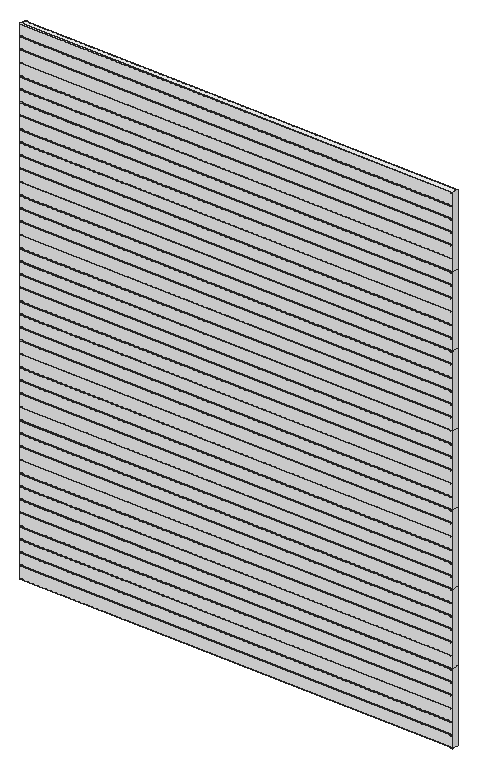
Revit family "3722-1Basic", category Doors, host Wall, Revit 2025
Family settings
  Host = Wall
  OmniClass Number = 23.30.10.17.37.14
  OmniClass Title = Sectional Overhead Doors
  Always vertical = Yes
  Cut with Voids When Loaded = No
  Shared = No
  Room Calculation Point = No
Parameters (values of type "By Type")
  Windload = "Doors available rated for various design pressures; consult Clopay for avaialbility and specifications"
  VisSection6 = NumSections = 6  # no
  VisSection5 = NumSections > 4  # yes
  VisSection4 = NumSections > 3  # yes
  VisSection3 = NumSections > 2  # yes
  VisArray = NumSections > 6  # yes
  URL = "www.clopaydoor.com"
  Track = "Galvanized steel (gauge varies according to door size)"
  Thickness = 0' - 2"  # constant formula
  Spec Wizard = "http://www.arcat.com/specwizard/08360clo/index.htm"
  Section Height = Height / NumSections  # 2' - 0"
  Section 5 Glazing = Section : Solid
  Section 4 Glazing = Section : Solid
  Section 3 Glazing = Section : Solid
  Sales Information = "http://www.clopaydoor.com/where-to-buy.aspx?type=dealer"
  Rough Width = 0' - 0"  # constant formula
  Rough Height = 0' - 0"  # constant formula
  R-Value = "17.2"
  Product Features and Benefits = "http://www.clopaydoor.com/insulated-polyurethane-applications.aspx"
  Overlapping Jamb = yes
  Overlap = if(Overlapping Jamb, 0' 1", 0' 0")  # 0' - 1"
  Opening Width = 12' - 0"
  Opening Height = 14' - 0"
  Omniclass Table = "23-30 10 17 37 "
  NumSectionsNotRounded = Height / 2' 0"  # 7
  NumSections = NumSectionsNotRounded + 0.4999  # 7
  NumArraySections = if(NumSections > 6, NumSections - 5, 2)  # 2
  Model = "3720"
  Maximum Size = "Maximum 32' 2'' wide by 26' 0'' high. Additional limitations may apply do to door weight. Consult Clopay for specificiations and shop drawings."  # constant formula
  Manufacturer Website = "http://www.clopaydoor.com"
  Manufacturer Phone Number = "1-800-526-4301"
  Manufacturer Address = "1400 W. Market St., Troy, OH 45373"
  Manufacturer = "Clopay Building Products Company"
  LEED = "http://products.construction.com/swts_content_files/151607/303186.pdf"
  Keynote = "08 36 13"
  Interior Steel = "28 ga. galvanized, primed, and finish painted"
  Hardware = "14 ga. min. steel hinges; 10-ball steel rollers"
  GreenFormat = "http://www.greenformat.com/products/1536-Polyurethane%20Insulated%20Doors.rtf"
  Function = Interior
  Height = Opening Height + Rough Width * 0  # 14' - 0"
  Wall Closure = By host
  Width = Opening Width + Rough Width * 0  # 12' - 0"
  FloorToSection7 = 6 * Section Height  # 12' - 0"
  FloorToSection6 = 5 * Section Height  # 10' - 0"
  FloorToSection5 = 4 * Section Height  # 8' - 0"
  FloorToSection4 = 3 * Section Height  # 6' - 0"
  FloorToSection3 = 2 * Section Height  # 4' - 0"
  FloorToSection2 = Section Height  # 2' - 0"
  File Revision = "02 (August, 2012)"
  Exterior Steel = "20 ga. galvanized, primed, and finish painted"
  Double End Stiles = Door Width > 14' 2"  # no
  Door Width = Opening Width + Overlap * 2  # 12' - 2"
  Door Height = Opening Height + Rough Width * 0  # 14' - 0"
  Description = "2'' thick polyurethane insulated, stucco embossed 20 gauge steel flush exterior."
  Core Material = "Expanded polyurethane"
  Copyright = "2010, Clopay Building Products Company, Inc."
  Color = White
  CAD and Specifications = "http://www.clopaydoor.com/insulated-polyurethane-specs.aspx"
  Assembly Code = "B2030410"
Reference planes (in)
  plane 1 "Center (Front/Back)": y = 0
  plane 2 "Center (Left/Right)": x = 0
  plane 3 "Left": x = -72
  plane 4 "Right": x = 72
  plane 5 "Top": z = 168
  plane 6 "Exterior": y = 3
  plane 7 "Interior": y = -3
  plane 8: z = 120
  plane 9: z = 144
Lines and regions (in)
  Opening 1
    outline origin (-90, -3, 0) x (1, 0, 0) y (0, 0, 1)
      loop
        line (18, 0) -> (162, 0) -> (162, 168) -> (18, 168) -> (18, 0)
Text (in)
  text "Exterior" at (-74.96733, 27.31104, 0), in view "Ref. Level"
  text "Interior" at (-74.96733, -25.14366, 0), in view "Ref. Level"
  text "Exterior" at (0, 40.15149, 123.01588), in view "Right"
  text "Interior" at (0, -64.39139, 123.01588), in view "Right"
  text "Interior" at (0, -31.01599, 123.00693), in view "Left"
  text "Exterior" at (0, 54.57065, 123.00693), in view "Left"
Dimensions and locks (in)
  equal spacing: plane 3 "Left", plane 2 "Center (Left/Right)", plane 4 "Right"
  "Height": level to plane 5 "Top"
  "Width": plane 3 "Left" to plane 4 "Right"
  host wall to plane 5 "Top" = 14' - 0"
  nested 1 to plane 7 "Interior" = 0' - 0 1/2"
  "FloorToSection6": plane 8 to level
  "FloorToSection7": plane 9 to level
  group 1 to group 2 = 0' - 0"  (x2)
  group 1 to group 2 = 2' - 0"
  host wall to host wall = 67' - 6"
  aligned and locked: plane 3 "Left" to Opening 1 sketch curve
  aligned and locked: plane 5 "Top" to Opening 1 sketch curve  (x2)
  aligned and locked: Opening 1 sketch curve to plane 4 "Right"
  aligned and locked: Opening 1 sketch curve to level
  aligned and locked: plane 6 "Exterior" to host wall
  aligned and locked: host wall to plane 7 "Interior"
  aligned and locked: plane 2 "Center (Left/Right)" to nested 2
  aligned and locked: plane 2 "Center (Left/Right)" to nested 3
  aligned and locked: plane 2 "Center (Left/Right)" to nested 4
  aligned and locked: plane 2 "Center (Left/Right)" to nested 5
  aligned and locked: plane 2 "Center (Left/Right)" to nested 7
  aligned and locked: nested 7 to plane 8
  aligned and locked: nested 8 to plane 9
  aligned and locked: plane 7 "Interior" to nested 2
  aligned and locked: plane 7 "Interior" to nested 7
  aligned and locked: host wall to nested 8
  aligned and locked: plane 7 "Interior" to nested 3
  aligned and locked: host wall to nested 3
  aligned and locked: plane 7 "Interior" to nested 1
  aligned and locked: nested 2 to host wall
  aligned and locked: plane 7 "Interior" to nested 6
  aligned and locked: plane 7 "Interior" to nested 5
  aligned and locked: host wall to nested 7
  aligned and locked: plane 7 "Interior" to nested 4
Nested families (in)
  nested 1: "Section" at (0, 0, 0), type "Solid"
  nested 2: "Section" at (0, 0, 24), built-in parameter 1001364 <- "Section Height", type "Solid"
  nested 3: "Section" at (0, 0, 48), type <- "Section 3 Glazing", built-in parameter 1001364 <- "FloorToSection3", visible <- "VisSection3", type "Solid"
  nested 4: "Section" at (0, 0, 120), built-in parameter 1001364 <- "FloorToSection6", visible <- "VisSection6", type "Solid"
  nested 5: "Section" at (0, 0, 96), built-in parameter 1001364 <- "FloorToSection5", type <- "Section 5 Glazing", visible <- "VisSection5", type "Solid"
  nested 6: "Section" at (0, 0, 72), type <- "Section 4 Glazing", built-in parameter 1001364 <- "FloorToSection4", visible <- "VisSection4", type "Solid"
  nested 7: "Section" at (0, 0, 120), visible <- "VisArray", type "Solid"
  nested 8: "Section" at (0, 0, 144), visible <- "VisArray", type "Solid"
Definition of nested family "Section"
  Parameters
    X9 = if(if(NumArrayedWindows < NumWindows, NumArrayedWindows + 1, NumWindows) < 9, X1, X8 + 3' 8")  # 1' - 5 1/2"
    X8 = if(if(NumArrayedWindows < NumWindows, NumArrayedWindows + 1, NumWindows) < 8, X1, X7 + 3' 8")  # 1' - 5 1/2"
    X7 = if(if(NumArrayedWindows < NumWindows, NumArrayedWindows + 1, NumWindows) < 7, X1, X6 + 3' 8")  # 1' - 5 1/2"
    X6 = if(if(NumArrayedWindows < NumWindows, NumArrayedWindows + 1, NumWindows) < 6, X1, X5 + 3' 8")  # 1' - 5 1/2"
    X5 = if(if(NumArrayedWindows < NumWindows, NumArrayedWindows + 1, NumWindows) < 5, X1, X4 + 3' 8")  # 1' - 5 1/2"
    X4 = if(if(NumArrayedWindows < NumWindows, NumArrayedWindows + 1, NumWindows) < 4, X1, X3 + 3' 8")  # 1' - 5 1/2"
    X3 = if(NumWindows < 3, X1, X2 + 3' 8")  # 8' - 9 1/2"
    X2 = if(NumWindows < 2, ((Door Width - (NumWindows - 1) * 3' 8") / 2 - Cutout Width / 2), ((Door Width - (NumWindows - 1) * 3' 8") / 2 - Cutout Width / 2) + 3' 8")  # 5' - 1 1/2"
    WindowVis = no
    WindowCutDepth = -0' - 0 13/128"
    Section Height = 2' - 0"
    RibSpacing = Section Height / (NumRibs + 1)  # 0' - 4"
    NumWindows = if(Door Width < 9' 4", 2, if(Door Width < 13' 4", 3, if(Door Width < 16' 4", 4, if(Door Width < 20' 4", 5, if(Door Width < 24' 4", 6, if(Door Width < 26' 4", 7, if(Door Width < 31' 8", 8, 10)))))))  # 3
    NumRibs = if(Section Height < 1' 9", 3, if(Section Height < 2' 0", 4, 5))  # 5
    NumArrayedWindows = if(X2 = X1, NumWindows - 2, NumWindows)  # 3
    Half Section Height = Section Height / 2  # 1' - 0"
    Half Door Width Neg = -Half Door Width  # -6' - 1"
    Half Door Width = Door Width / 2  # 6' - 1"
    Half Cutout Height = Cutout Height / 2  # 0' - 3 1/2"
    Function = (empty or 0)
    Height = 0' - 0"
    Wall Closure = (empty or 0)
    Width = 0' - 0"
    X1 = if(or(Door Width > 31' 6", and(Door Width > 26' 2", Door Width < 28' 1"), Door Width = 24' 3", Door Width = 24' 4", and(Door Width > 20' 2", Door Width < 20' 11"), and(Door Width > 16' 2", Door Width < 17' 3")), X2, (Door Width - (NumWindows - 1) * 3' 8") / 2 - Cutout Width / 2)  # 1' - 5 1/2"
    Door Width = 12' - 2"
    CutoutToCutout = 1' - 0"
    Cutout Width = 1' - 11"
    Cutout Height = 0' - 7"
    Color = none
    BtmTo1stRib = RibSpacing  # 0' - 4"
    Assembly Code = ""
  Reference planes (in)
    plane 1 "Center (Front/Back)": y = 0
    plane 2 "Center (Left/Right)": x = 0
    plane 3 "Exterior": y = 3
    plane 4 "Interior": y = -3
    plane 5: y = -3.5
    plane 6: x = 73
    plane 7: x = -73
    plane 8: z = 4
    plane 9: z = 8
    plane 10: z = 24
    plane 11: z = 12
    plane 12: z = 0
  Forms (in)
    Extrusion 1, solid, material <- "Color"
      sketch origin (-73, -12, 83.08252) x (0, 0, 1) y (0, -1, 0)
        loop
          line (-59.08252, -8.37573) -> (-59.08252, -6.62444)
          arc (-59.08252, -6.62444) -> (-59.11897, -6.53645) -> (-59.20696, -6.5) r 0.12444
          line (-59.20696, -6.5) -> (-82.95809, -6.5)
          arc (-82.95809, -6.5) -> (-83.04608, -6.53645) -> (-83.08252, -6.62444) r 0.12444
          line (-83.08252, -6.62444) -> (-83.08252, -8.37573)
          arc (-83.08252, -8.37573) -> (-83.04612, -8.4636) -> (-82.95825, -8.5) r 0.12427
          line (-82.95825, -8.5) -> (-59.20679, -8.5)
          arc (-59.20679, -8.5) -> (-59.11892, -8.4636) -> (-59.08252, -8.37573) r 0.12427
      from 0 to 146 <- "Door Width"
    Extrusion 2, void
      sketch origin (0, -8.99984, -0.5) x (0, 1, 0) y (0, 0, -1)
        loop
          line (3.5, -4.62727) -> (3.53032, -4.58058)
          arc (3.53032, -4.58058) -> (3.53753, -4.56494) -> (3.54, -4.5479) r 0.06
          line (3.54, -4.5479) -> (3.54, -4.4521)
          arc (3.54, -4.4521) -> (3.53753, -4.43506) -> (3.53032, -4.41942) r 0.06
          line (3.53032, -4.41942) -> (3.5, -4.37273) -> (3.5, -4.62727)
      from -73 <- "Half Door Width Neg" to 146 <- "Door Width"
    Extrusion 3, void
      sketch origin (0, -8.99984, 3.5) x (0, 1, 0) y (0, 0, -1)
        loop
          line (3.5, -4.62727) -> (3.53032, -4.58058)
          arc (3.53032, -4.58058) -> (3.53753, -4.56494) -> (3.54, -4.5479) r 0.06
          line (3.54, -4.5479) -> (3.54, -4.4521)
          arc (3.54, -4.4521) -> (3.53753, -4.43506) -> (3.53032, -4.41942) r 0.06
          line (3.53032, -4.41942) -> (3.5, -4.37273) -> (3.5, -4.62727)
      from -73 <- "Half Door Width Neg" to 146 <- "Door Width"
    Extrusion 4, void
      sketch origin (0, -8.99984, 7.5) x (0, 1, 0) y (0, 0, -1)
        loop
          line (3.5, -4.62727) -> (3.53032, -4.58058)
          arc (3.53032, -4.58058) -> (3.53753, -4.56494) -> (3.54, -4.5479) r 0.06
          line (3.54, -4.5479) -> (3.54, -4.4521)
          arc (3.54, -4.4521) -> (3.53753, -4.43506) -> (3.53032, -4.41942) r 0.06
          line (3.53032, -4.41942) -> (3.5, -4.37273) -> (3.5, -4.62727)
      from -73 <- "Half Door Width Neg" to 146 <- "Door Width"
    Extrusion 5, void
      sketch origin (0, -8.99984, 11.5) x (0, 1, 0) y (0, 0, -1)
        loop
          line (3.5, -4.62727) -> (3.53032, -4.58058)
          arc (3.53032, -4.58058) -> (3.53753, -4.56494) -> (3.54, -4.5479) r 0.06
          line (3.54, -4.5479) -> (3.54, -4.4521)
          arc (3.54, -4.4521) -> (3.53753, -4.43506) -> (3.53032, -4.41942) r 0.06
          line (3.53032, -4.41942) -> (3.5, -4.37273) -> (3.5, -4.62727)
      from -73 <- "Half Door Width Neg" to 146 <- "Door Width"
    Extrusion 6, void
      sketch origin (0, -8.99984, 15.5) x (0, 1, 0) y (0, 0, -1)
        loop
          line (3.5, -4.62727) -> (3.53032, -4.58058)
          arc (3.53032, -4.58058) -> (3.53753, -4.56494) -> (3.54, -4.5479) r 0.06
          line (3.54, -4.5479) -> (3.54, -4.4521)
          arc (3.54, -4.4521) -> (3.53753, -4.43506) -> (3.53032, -4.41942) r 0.06
          line (3.53032, -4.41942) -> (3.5, -4.37273) -> (3.5, -4.62727)
      from -73 <- "Half Door Width Neg" to 146 <- "Door Width"
  Cuts and joins
    Extrusion 2, Extrusion 3, Extrusion 4, Extrusion 5, Extrusion 6 cuts Extrusion 1
  Lines and regions (in)
    reference lines
      curve 1: line (-72, -5.45984, 4) -> (-72, -5.49984, 4)
      curve 2: line (-72, -5.45984, 4) -> (-72, -5.49984, 4)
      curve 3: line (-72, -5.45984, 8) -> (-72, -5.49984, 8)
      curve 4: line (-72, -5.45984, 12) -> (-72, -5.49984, 12)
      curve 5: line (-72, -5.45984, 16) -> (-72, -5.49984, 16)
      curve 6: line (-72, -5.45984, 20) -> (-72, -5.49984, 20)
  Text (in)
    text "Exterior" at (-74.96733, 27.31104, 0), in view "Ref. Level"
    text "Interior" at (-74.96733, -25.14366, 0), in view "Ref. Level"
    text "Exterior" at (0, 40.15149, 123.01588), in view "Right"
    text "Interior" at (0, -64.39139, 123.01588), in view "Right"
    text "Interior" at (0, -31.01599, 123.00693), in view "Left"
    text "Exterior" at (0, 54.57065, 123.00693), in view "Left"
  Dimensions and locks (in)
    plane 4 "Interior" to plane 5 = 0' - 0 1/2"
    "Half Door Width": plane 2 "Center (Left/Right)" to plane 7
    "Half Door Width": plane 6 to plane 2 "Center (Left/Right)"
    Extrusion 1 sketch curve to Extrusion 1 sketch curve = 0' - 2"
    "BtmTo1stRib": plane 8 to level
    "RibSpacing": plane 9 to plane 8
    "Section Height": plane 10 to level
    Extrusion 2 sketch curve to Extrusion 2 sketch curve = 0' - 0.25454"
    Extrusion 2 sketch curve to Extrusion 2 sketch curve = 0' - 0.04"  (x2)
    Extrusion 2 sketch curve to curve 2 = 0' - 0.12727"
    "Half Section Height": level to plane 11
    locked: plane 4 "Interior" to cut or joined group of Extrusion 1, Extrusion 2, Extrusion 3, Extrusion 4, Extrusion 5, Extrusion 6 at 0.5
    Extrusion 3 sketch curve to Extrusion 3 sketch curve = 0' - 0.25454"
    Extrusion 3 sketch curve to Extrusion 3 sketch curve = 0' - 0.04"  (x2)
    Extrusion 3 sketch curve to curve 3 = 0' - 0.12727"
    equal spacing: group 1, group 2, group 3, group 4, group 5  (x3)
    Extrusion 4 sketch curve to Extrusion 4 sketch curve = 0' - 0.25454"
    Extrusion 4 sketch curve to Extrusion 4 sketch curve = 0' - 0.04"  (x2)
    Extrusion 4 sketch curve to curve 4 = 0' - 0.12727"
    Extrusion 5 sketch curve to Extrusion 5 sketch curve = 0' - 0.25454"
    Extrusion 5 sketch curve to Extrusion 5 sketch curve = 0' - 0.04"  (x2)
    Extrusion 5 sketch curve to curve 5 = 0' - 0.12727"
    Extrusion 6 sketch curve to Extrusion 6 sketch curve = 0' - 0.25454"
    Extrusion 6 sketch curve to Extrusion 6 sketch curve = 0' - 0.04"  (x2)
    Extrusion 6 sketch curve to curve 6 = 0' - 0.12727"
    radius of Extrusion 1 sketch curve = 0' - 0.12427"  (x2)
    radius of Extrusion 1 sketch curve = 0' - 0.12444"  (x2)
    angle Extrusion 2 sketch curve to Extrusion 2 sketch curve = 147.00°  (x2)
    angle Extrusion 3 sketch curve to Extrusion 3 sketch curve = 147.00°  (x2)
    angle Extrusion 4 sketch curve to Extrusion 4 sketch curve = 147.00°  (x2)
    angle Extrusion 5 sketch curve to Extrusion 5 sketch curve = 147.00°  (x2)
    angle Extrusion 6 sketch curve to Extrusion 6 sketch curve = 147.00°  (x2)
    aligned and locked: Extrusion 1 sketch curve to plane 5
    aligned: cut or joined group of Extrusion 1, Extrusion 2, Extrusion 3, Extrusion 4, Extrusion 5, Extrusion 6 to cut or joined group of Extrusion 1, Extrusion 2, Extrusion 3, Extrusion 4, Extrusion 5, Extrusion 6  (x9)
    aligned and locked: plane 12 to level
    aligned and locked: curve 3 to plane 9
    aligned and locked: curve 2 to plane 8
  Automatic sketch dimensions
    curve 1 to curve 1 = 0' - 0.04"  (x2)
    curve 2 to curve 2 = 0' - 0.04"
    Extrusion 2 sketch curve to Extrusion 2 sketch curve = 0' - 0"
    Extrusion 2 sketch curve to Extrusion 2 sketch curve = 0' - 0.02"
    Extrusion 2 sketch curve to Extrusion 2 sketch curve = 0' - 0.00968"  (x2)
    curve 1 to plane 8 = 0' - 0"
    Extrusion 1 sketch curve to plane 10 = 0' - 0"
    Extrusion 1 sketch curve to level = 0' - 0"
    curve 1 to plane 5 = 0' - 1.95984"
    Extrusion 3 sketch curve to Extrusion 3 sketch curve = 0' - 0"
    Extrusion 3 sketch curve to Extrusion 3 sketch curve = 0' - 0.02"
    Extrusion 3 sketch curve to Extrusion 3 sketch curve = 0' - 0.00968"  (x2)
    Extrusion 4 sketch curve to Extrusion 4 sketch curve = 0' - 0"
    Extrusion 4 sketch curve to Extrusion 4 sketch curve = 0' - 0.02"
    Extrusion 4 sketch curve to Extrusion 4 sketch curve = 0' - 0.00968"  (x2)
    Extrusion 5 sketch curve to Extrusion 5 sketch curve = 0' - 0"
    Extrusion 5 sketch curve to Extrusion 5 sketch curve = 0' - 0.02"
    Extrusion 5 sketch curve to Extrusion 5 sketch curve = 0' - 0.00968"  (x2)
    Extrusion 6 sketch curve to Extrusion 6 sketch curve = 0' - 0"
    Extrusion 6 sketch curve to Extrusion 6 sketch curve = 0' - 0.02"
    Extrusion 6 sketch curve to Extrusion 6 sketch curve = 0' - 0.00968"  (x2)
